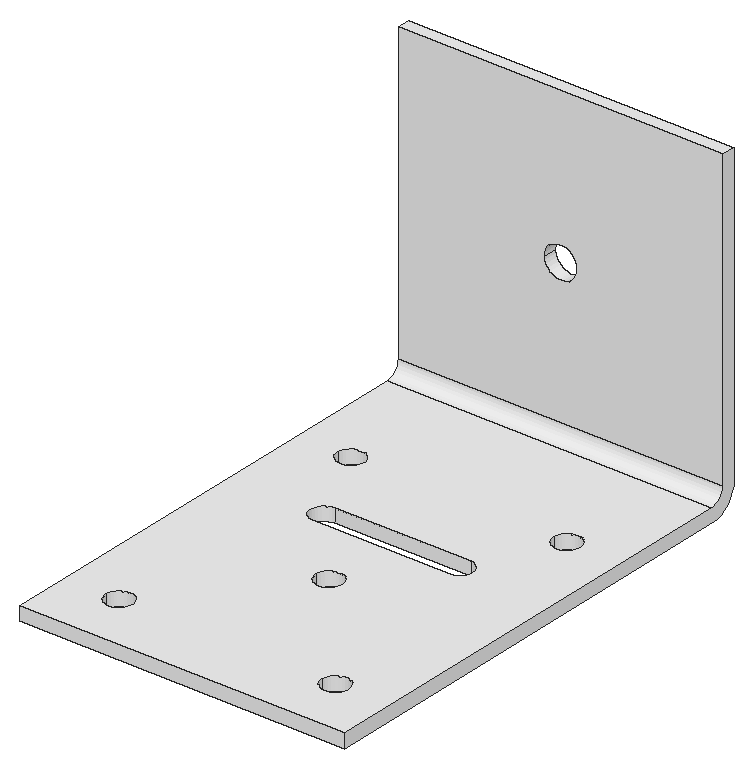
Revit family "JOMA_421", category Structural Connections, host Face, Revit 2017
Family settings
  Host = Face
  Material for Model Behavior = Other
  Enable cutting in views = Yes
  Cut with Voids When Loaded = No
  Shared = No
Parameters (values of type "4210006")
  t = 2.5 mm
  l = 90.0 mm
  h = 60.0 mm
  b = 60.0 mm
  Vinkelbeslag 421006 = yes
  Vikt (kg) = "0,17"
  Typ = "VINKEL 4210006"
  Spikmönster 0°≤α≤90° [instance] = no
  Spik/skruv [instance] = "ANKARSPIK 4,0x40"
  Material = Varmförzinkad stålplåt
  Länk joma dimensioneringsverktyg = "http://www.joma.se/dimensioneringsverktyg"
  Default Elevation = 1219.2 mm
  Antal spik/skruv i virkesdel B [instance] = if(and(Spikmönster 0°≤α≤90°, Vinkelbeslag 421006), 1, 0)  # 0
  Antal spik/skruv i virkesdel A [instance] = if(and(Spikmönster 0°≤α≤90°, Vinkelbeslag 421006), 3, 0)  # 0
Reference planes
  plane 1 "Center (Front/Back)": y = 0
  plane 2: z = 0
  plane 3 "Center (Left/Right)": x = 0
  plane 4: x = 30
  plane 5: x = -30
  plane 6: z = 60
  plane 7: y = -90
Forms (mm)
  Extrusion 1, solid, material "Varmförzinkad stålplåt" <- "Material"
    sketch origin (0, 0, 0) x (0, -1, 0) y (0, 0, 1)
      loop
        arc (0, 5) -> (1.464, 1.464) -> (5, 0) r 5
        line (5, 0) -> (90, 0) -> (90, 2.5) -> (5, 2.5)
        arc (5, 2.5) -> (3.232, 3.232) -> (2.5, 5) r 2.5
        line (2.5, 5) -> (2.5, 60) -> (0, 60) -> (0, 5)
    from -30 to 30
  Extrusion 2, void
    sketch origin (0, 0, 0) x (-1, 0, 0) y (0, 0, 1)
      loop
        circle (0, 31.5) r 3
    from -2.5 to 0
  Extrusion 3, void
    sketch origin (0, 0, 0) x (-1, 0, 0) y (0, -1, 0)
      loop
        arc (-12.5, 44) -> (-15, 41.5) -> (-12.5, 39) r 2.5
        line (-12.5, 39) -> (12.5, 39)
        arc (12.5, 39) -> (15, 41.5) -> (12.5, 44) r 2.5
        line (12.5, 44) -> (-12.5, 44)
    from 0 to 2.5
  Extrusion 4, void
    sketch origin (0, 0, 0) x (-1, 0, 0) y (0, -1, 0)
      loop
        circle (-20, 79.538) r 2.5
    from 0 to 2.5
  Extrusion 5, void
    sketch origin (0, 0, 0) x (1, 0, 0) y (0, 1, 0)
      loop
        circle (-20, -79.538) r 2.5
    from 0 to 2.5
  Extrusion 6, void
    sketch origin (0, 0, 0) x (-1, 0, 0) y (0, -1, 0)
      loop
        circle (0, 56) r 2.5
      loop
        circle (20, 26) r 2.5
    from 0 to 2.5
  Extrusion 7, void
    sketch origin (0, 0, 0) x (1, 0, 0) y (0, 1, 0)
      loop
        circle (0, -56) r 2.5
      loop
        circle (20, -26) r 2.5
    from 0 to 2.5
Cuts and joins
  Extrusion 2, Extrusion 3, Extrusion 4, Extrusion 5, Extrusion 6, Extrusion 7 cuts Extrusion 1
Lines and regions (mm)
  symbolic lines
    curve 1: line (0, -9, 2.5) -> (0, -2.5, 9)
Dimensions and locks
  "h": Extrusion 1 to host face
  equal spacing: plane 5, plane 3 "Center (Left/Right)", plane 4
  "b": plane 5 to plane 4
  "t": cut or joined group of Extrusion 1, Extrusion 2, Extrusion 3, Extrusion 4, Extrusion 5, Extrusion 6, Extrusion 7 to cut or joined group of Extrusion 1, Extrusion 2, Extrusion 3, Extrusion 4, Extrusion 5, Extrusion 6, Extrusion 7
  "t": cut or joined group of Extrusion 1, Extrusion 2, Extrusion 3, Extrusion 4, Extrusion 5, Extrusion 6, Extrusion 7 to host face
  "l": plane 7 to plane 1 "Center (Front/Back)"
  aligned and locked: plane 2 to host face
  aligned and locked: level to host face
  aligned and locked: plane 1 "Center (Front/Back)" to Extrusion 2
  aligned and locked: plane 6 to cut or joined group of Extrusion 1, Extrusion 2, Extrusion 3, Extrusion 4, Extrusion 5, Extrusion 6, Extrusion 7
  aligned and locked: cut or joined group of Extrusion 1, Extrusion 2, Extrusion 3, Extrusion 4, Extrusion 5, Extrusion 6, Extrusion 7 to plane 4
  aligned and locked: cut or joined group of Extrusion 1, Extrusion 2, Extrusion 3, Extrusion 4, Extrusion 5, Extrusion 6, Extrusion 7 to plane 5
  aligned and locked: cut or joined group of Extrusion 1, Extrusion 2, Extrusion 3, Extrusion 4, Extrusion 5, Extrusion 6, Extrusion 7 to plane 1 "Center (Front/Back)"
  aligned and locked: cut or joined group of Extrusion 1, Extrusion 2, Extrusion 3, Extrusion 4, Extrusion 5, Extrusion 6, Extrusion 7 to host face
  aligned and locked: plane 7 to cut or joined group of Extrusion 1, Extrusion 2, Extrusion 3, Extrusion 4, Extrusion 5, Extrusion 6, Extrusion 7
Automatic sketch dimensions
  host sketch curve to host sketch curve = 2438.4 mm  (x2)
  level to curve 1 = 2.5 mm
  plane 1 "Center (Front/Back)" to curve 1 = 9.0 mm
  plane 1 "Center (Front/Back)" to curve 1 = 2.5 mm
  level to curve 1 = 9.0 mm
  Extrusion 1 sketch curve to Extrusion 1 sketch curve = 0.0 mm  (x2)
  Extrusion 1 sketch curve to plane 1 "Center (Front/Back)" = 0.0 mm
  Extrusion 1 sketch curve to plane 6 = 0.0 mm
  Extrusion 1 sketch curve to level = 0.0 mm
  Extrusion 1 sketch curve to Extrusion 1 sketch curve = 2.5 mm  (x2)
  Extrusion 2 sketch curve to plane 3 "Center (Left/Right)" = 0.0 mm
  Extrusion 2 sketch curve to plane 6 = 28.5 mm
  plane 3 "Center (Left/Right)" to Extrusion 3 sketch curve = 12.5 mm
  Extrusion 3 sketch curve to plane 3 "Center (Left/Right)" = 12.5 mm
  plane 1 "Center (Front/Back)" to Extrusion 3 sketch curve = 39.0 mm
  Extrusion 3 sketch curve to Extrusion 3 sketch curve = 2.5 mm
  Extrusion 4 sketch curve to plane 4 = 10.0 mm
  Extrusion 5 sketch curve to plane 5 = 10.0 mm
  Extrusion 6 sketch curve to plane 3 "Center (Left/Right)" = 0.0 mm
  plane 5 to Extrusion 6 sketch curve = 10.0 mm
  plane 1 "Center (Front/Back)" to Extrusion 6 sketch curve = 26.0 mm
  Extrusion 6 sketch curve to Extrusion 6 sketch curve = 30.0 mm
  Extrusion 7 sketch curve to plane 3 "Center (Left/Right)" = 0.0 mm
  plane 4 to Extrusion 7 sketch curve = 10.0 mm
  Extrusion 7 sketch curve to plane 1 "Center (Front/Back)" = 26.0 mm
  Extrusion 7 sketch curve to Extrusion 7 sketch curve = 30.0 mm
  Extrusion 1 sketch curve to Extrusion 1 sketch curve = 85.0 mm
  plane 1 "Center (Front/Back)" to Extrusion 4 sketch curve = 79.538 mm
  Extrusion 5 sketch curve to plane 1 "Center (Front/Back)" = 79.538 mm
  radius of Extrusion 2 sketch curve = 3.0 mm
  radius of Extrusion 4 sketch curve = 2.5 mm
  radius of Extrusion 5 sketch curve = 2.5 mm
  radius of Extrusion 6 sketch curve = 2.5 mm  (x2)
  radius of Extrusion 7 sketch curve = 2.5 mm  (x2)
Nested families
  nested 1: "Family1" at (0, -56.026, 0) x (-1, 0, 0) z (0, 0, 1), visible <- "Spikmönster 0°≤α≤90°", type "Family1"
    with 4460001 yes
  nested 2: "Family1" at (20, -79.538, 0) x (-1, 0, 0) z (0, 0, 1), visible <- "Spikmönster 0°≤α≤90°", type "Family1"
    with 4460001 yes
  nested 3: "Family1" at (-20, -79.538, 0) x (-1, 0, 0) z (0, 0, 1), visible <- "Spikmönster 0°≤α≤90°", type "Family1"
    with 4460001 yes
  nested 4: "DetailItembult175-3mm" at (0, 0, 31.47) x (1, 0, 0) z (0, -1, 0), visible <- "Spikmönster 0°≤α≤90°", type "DetailItembult175-3mm"
    with 4460001 yes
  nested 5: "Family1" at (0, -56.026, 0) x (-1, 0, 0) z (0, 0, 1), visible <- "Spikmönster 0°≤α≤90°", type "Family1", not visible
    with 4460001 yes
  nested 6: "Family1" at (20, -79.538, 0) x (-1, 0, 0) z (0, 0, 1), visible <- "Spikmönster 0°≤α≤90°", type "Family1", not visible
    with 4460001 yes
  nested 7: "Family1" at (-20, -79.538, 0) x (-1, 0, 0) z (0, 0, 1), visible <- "Spikmönster 0°≤α≤90°", type "Family1", not visible
    with 4460001 yes
Definition of nested family "Family1"
  Parameters (values of type "Family1")
    4460001 [instance] = yes
  Reference planes
    plane 1 "Center (Front/Back)": y = 0
    plane 2: z = 0
    plane 3 "Center (Left/Right)": x = 0
  Lines and regions (mm)
    Filled region 1, type "Solid Fill - Black", in view "Ref. Level"
      outline origin (0, 0, 0) x (1, 0, 0) y (0, 1, 0)
        loop
          circle (0, 0) r 2.5
    detail lines, in view "Ref. Level", visible <- "4460001"
      curve 1: circle (0, 0, 0) r 2.5 normal (0, 0, 1)
Definition of nested family "DetailItembult175-3mm"
  Parameters (values of type "DetailItembult175-3mm")
    4460001 [instance] = yes
  Reference planes
    plane 1 "Center (Front/Back)": y = 0
    plane 2: z = 0
    plane 3 "Center (Left/Right)": x = 0
  Lines and regions (mm)
    Filled region 1, type "Solid Fill - Black", in view "Ref. Level"
      outline origin (0, 0, 0) x (1, 0, 0) y (0, 1, 0)
        loop
          circle (0, 0) r 3
